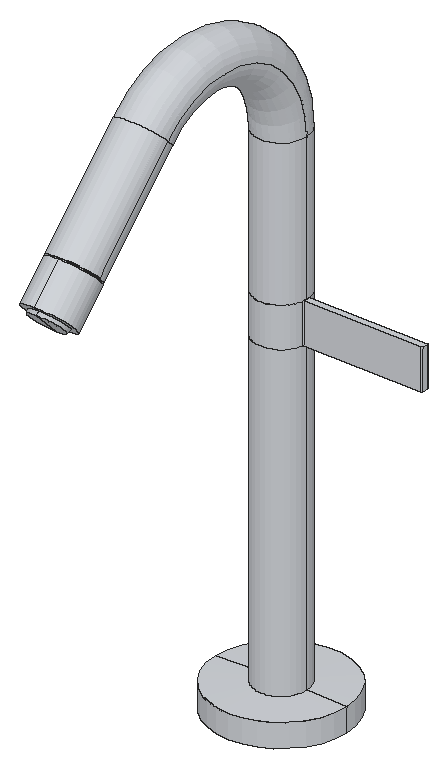
Revit family "Faucet-Lavatory-KOHLER-Stillness-K-985IN-1", category Plumbing Fixtures, host Face, Revit 2017
Family settings
  Host = Face
  Round Connector Dimension = Use Diameter
  Part Type = Normal
  OmniClass Number = 23.31.11.00
  Cut with Voids When Loaded = No
  Shared = No
  Room Calculation Point = No
Parameters (values of type "CP-Polished Chrome")
  Width = 2.32283"  # constant formula
  WaterSense Certified = 1 = 0  # no
  Waste Water Outlet = "Waste Water Outlet"  # constant formula
  Waste Connection = 1 = 0  # no
  Vent Connection = 1 = 0  # no
  URL = "https://www.kohler.co.in/"
  Type = 1
  Spout Reach = 5.19685"  # constant formula
  Product Page URL = ""
  Product Name = "Stillness"  # constant formula
  Product Documentation Link = ""
  Pressure = 0.00 psi
  Model = if(Type = 1, "K-985IN-4ND-CP", "NA")  # "K-985IN-4ND-CP"
  Material = "Premium Metal Construction"  # constant formula
  Master Format 2014 Name = "Residential Faucets, Supplies, and Trim"  # constant formula
  Master Format 2014 = "22 41 39"  # constant formula
  Manufacturer Address = "Ambience Office Tower NH-8 Gurgaon / Gurugram Haryana , 122001"  # constant formula
  Manufacturer = "KOHLER Co."  # constant formula
  Length = Spout Reach  # 5.19685"
  Hot Water Inlet = "Hot Water Inlet"  # constant formula
  Height = 11.49606"  # constant formula
  Handle Clearance = 2.55906"  # constant formula
  HW Connection = 1 = 1  # yes
  Flow Rate = 0 GPM
  Finish = Kohler-Metal-CP-Polished_Chrome
  Environmental Product Declaration = ""
  Drain Included = 1 = 0  # no
  Description = "TALL SINGLE CONTROL LAV"  # constant formula
  Default Elevation = 36"
  Declare Label = ""
  Date Modified = "10/22/2020"  # constant formula
  Date Created = "10/22/2020"  # constant formula
  Copyright = "Copyright KOHLER Co."  # constant formula
  Contact Us = "https://www.kohler.co.in/contact-us"
  Cold Water Inlet = "Cold Water Inlet"  # constant formula
  CW Connection = 1 = 1  # yes
  Assembly Code = "D2010"
  ADA Compliant = 1 = 0  # no
Reference planes (in)
  plane 1 "Center (Front/Back)": y = 0
  plane 2: z = 0
  plane 3 "Center (Left/Right)": x = 0
  plane 4: z = 11.49606
  plane 5: z = 5.94488
  plane 6: x = 2.55906
  plane 7: x = 1.16142
  plane 8: x = -1.16142
  plane 9: z = 8.38583
  plane 10: y = -5.19685
  plane 11: y = 1.16142
  plane 12: y = -1.16142
  plane 13: x = 0.68587
  plane 14: x = -0.68587
  plane 15: z = 6.65354
  plane 16: z = 0.41305
Dimensions and locks (in)
  "Spout Reach": plane 1 "Center (Front/Back)" to plane 10
  plane 9 to level = 8.38583"
  "Height": plane 4 to level
  equal spacing: plane 7, plane 3 "Center (Left/Right)", plane 8
  plane 7 to plane 8 = 2.32283"
  plane 5 to level = 5.94488"
  "Handle Clearance": plane 6 to plane 3 "Center (Left/Right)"
  "Width": plane 8 to plane 7
  aligned and locked: plane 2 to host face
  aligned and locked: level to host face
Automatic sketch dimensions
  host sketch curve to host sketch curve = 96"  (x2)
Nested families (in)
  nested 1: "K-985IN" at (0, 0, 0), type "K-985IN"
Connectors (in)
  piping at (0.68587, 0, 0), diameter 0.5, driven by "Flow Rate", driven by "Pressure", driven by "CW Connection", driven by "Cold Water Inlet"
    settings: on nested 1, index 1, connector inside diameter 24", connector length 0", flow factor 0, pipe flow 0 GPM, pressure drop 0.00 psi, fitting loss kfactor 0, connector angle 0.00°, fixture units 0, engagement length 0", angle of deflection 0.00°, flow configuration 0, flow direction 1, fitting loss method 0, system type 20, joint type 0, gender type 0, connector reference index -1, connector utility 1, adjustable connector no, is connector primary yes, connector description "Cold Water Inlet"
  piping at (-0.68587, 0, 0), diameter 0.5, driven by "Flow Rate", driven by "Pressure", driven by "HW Connection", driven by "Hot Water Inlet"
    settings: on nested 1, index 2, connector inside diameter 24", connector length 0", flow factor 0, pipe flow 0 GPM, pressure drop 0.00 psi, fitting loss kfactor 0, connector angle 0.00°, fixture units 0, engagement length 0", angle of deflection 0.00°, flow configuration 0, flow direction 1, fitting loss method 0, system type 19, joint type 0, gender type 0, connector reference index -1, connector utility 1, adjustable connector no, is connector primary no, connector description "Hot Water Inlet"
Definition of nested family "K-985IN"
  Parameters (values of type "K-985BR")
    Material = none
  Reference planes (in)
    plane 1 "Center (Front/Back)": y = 0
    plane 2: z = 0
    plane 3 "Center (Left/Right)": x = 0
    plane 4: z = 11.49606
    plane 5: y = -5.19685
    plane 6: z = 8.38583
    plane 7: through (0, -5.19685, 8.38583) normal (0, 0.7071, -0.7071)
    plane 8: z = 5.94488
    plane 9: x = 2.55906
    plane 10: z = 6.65354
    plane 11: x = -1.16142
    plane 12: x = 1.16142
    plane 13: y = 1.16142
    plane 14: y = -1.16142
    plane 15: y = 0.45295
    plane 16: y = -0.45295
    plane 17: y = 0.0689
    plane 18: y = -0.0689
    plane 19: y = -5.46837
    plane 20: z = 9.29294
    plane 21: z = 8.7583
    plane 22: z = 8.6777
    plane 23: z = 8.60709
    plane 24: z = 8.16689
    plane 25: z = 8.11773
    plane 26: z = 0.41338
    plane 27: z = 0.43275
    plane 28: y = -4.93031
    plane 29: y = -4.90856
    plane 30: x = -0.45295
    plane 31: x = 0.45295
    plane 32: x = -0.68587
    plane 33: x = 0.68587
  Forms (in)
    Revolve 1, solid, material <- "Material", detail levels medium+fine
      sketch origin (0, 0, 0) x (1, 0, 0) y (0, 0, 1)
        loop
          line (-1.16142, 0) -> (0, 0) -> (0, 5.94342) -> (-0.45295, 5.94342) -> (-0.45295, 0.43275)
          arc (-0.45295, 0.43275) -> (-0.80724, 0.42524) -> (-1.16142, 0.41338) r 28.90603
          line (-1.16142, 0.41338) -> (-1.16142, 0)
        axis (0, 5.94342) -> (0, 0)
      angle from 0 to 360
    Revolve 2, solid, material <- "Material", detail levels medium+fine
      sketch origin (0, 0, 0) x (1, 0, 0) y (0, 0, 1)
        loop
          line (-0.45295, 5.94488) -> (0, 5.94488) -> (0, 6.65354) -> (-0.45295, 6.65354) -> (-0.45295, 5.94488)
        axis (0, 6.65354) -> (0, 5.94488)
      angle from 0 to 360
    Extrusion 3, solid, material <- "Material", detail levels medium+fine
      sketch origin (0, 0, 0) x (1, 0, 0) y (0, 1, 0)
        loop
          line (2.53898, 0.0689) -> (0.46406, 0.0689)
          arc (0.46406, 0.0689) -> (0.44882, 0.07566) -> (0.44361, 0.09151) r 0.02055
          arc (0.44361, 0.09151) -> (0.45295, 0.00163) -> (0.44426, -0.08832) r 0.45295
          arc (0.44426, -0.08832) -> (0.45019, -0.07456) -> (0.46406, -0.0689) r 0.01981
          line (0.46406, -0.0689) -> (2.53863, -0.0689)
          arc (2.53863, -0.0689) -> (2.55314, -0.06289) -> (2.55915, -0.04837) r 0.02052
          line (2.55915, -0.04837) -> (2.55915, 0.04873)
          arc (2.55915, 0.04873) -> (2.55324, 0.06299) -> (2.53898, 0.0689) r 0.02017
      from 5.94488 to 6.65354
    Sweep 4, solid, material <- "Material", detail levels medium+fine
      path origin (0, 0, 0) x (0, 1, 0) y (0, 0, 1)
        loop
          line (0, 6.65354) -> (0, 9.23521)
          arc (0, 9.23521) -> (-1.11165, 10.89891) -> (-3.07413, 10.50855) r 1.80078
          line (-3.07413, 10.50855) -> (-4.58828, 8.9944)
      profile origin (0, 0, 7.94437) x (0, -1, 0) y (1, 0, 0)
        loop
          circle (0, 0) r 0.45295
    Revolve 5, solid, material <- "Material", detail levels medium+fine
      sketch origin (0, 0, 0) x (0, 1, 0) y (0, 0, 1)
        loop
          line (-5.19569, 8.38699) -> (-4.97558, 8.16689) -> (-4.90498, 8.19832) -> (-5.14467, 8.43801) -> (-5.19569, 8.38699)
        axis (-5.14467, 8.43801) -> (-5.19569, 8.38699)
      angle from 0 to 360
    Revolve 6, solid, material <- "Material", detail levels medium+fine
      sketch origin (0, 0, 0) x (0, 1, 0) y (0, 0, 1)
        loop
          line (-4.58828, 8.9944) -> (-5.14467, 8.43801) -> (-4.82438, 8.11773) -> (-4.28974, 8.65237) -> (-4.3173, 8.67993) -> (-4.29556, 8.70167) -> (-4.58828, 8.9944)
        axis (-4.58828, 8.9944) -> (-5.14467, 8.43801)
      angle from 0 to 360
    Extrusion 7, solid, material <- "Material", detail levels medium+fine
      sketch origin (0, 0, 0) x (1, 0, 0) y (0, 1, 0)
        loop
          circle (0.68587, 0) r 0.25
        loop
          circle (-0.68587, 0) r 0.25
      from 0 to 0.05368
    Revolve 8, solid, material <- "Material", detail levels coarse
      sketch origin (0, 0, 0) x (0, 1, 0) y (0, 0, 1)
        loop
          line (-5.38436, 8.6777) -> (-5.41579, 8.60709) -> (-5.19569, 8.38699) -> (-5.14467, 8.43801) -> (-5.38436, 8.6777)
        axis (-5.14467, 8.43801) -> (-5.19569, 8.38699)
      angle from 0 to 360
    Extrusion 9, solid, material <- "Material", detail levels coarse
      sketch origin (0, 0, 0) x (1, 0, 0) y (0, 1, 0)
        loop
          circle (0, 0) r 1.32701
      from 0 to 0.58238
    Sweep 10, solid, material <- "Material", detail levels coarse
      path origin (0, 0, 0) x (0, 1, 0) y (0, 0, 1)
        loop
          line (0, 0.58238) -> (0, 9.36789)
          arc (0, 9.36789) -> (-1.0803, 10.98468) -> (-2.98744, 10.60533) r 1.75
          line (-2.98744, 10.60533) -> (-5.20073, 8.39203)
      profile origin (0, 0, 4.97513) x (0, -1, 0) y (1, 0, 0)
        loop
          circle (0, 0) r 0.55109
    Extrusion 11, solid, material <- "Material", detail levels coarse
      sketch origin (0, 0, 0) x (0, 1, 0) y (0, 0, 1)
        loop
          line (-0.14564, 6.69762) -> (-0.14564, 5.87994) -> (0.14282, 5.87994) -> (0.14282, 6.69762) -> (-0.14564, 6.69762)
      from 0 to 2.62832
  Cuts and joins
    joined: Extrusion 9, Sweep 10, Extrusion 11
  Lines and regions (in)
    Masking region 1
      outline origin (0, 0, 0) x (1, 0, 0) y (0, 0, 1)
        loop
          line (-1.16142, 0) -> (1.16142, 0) -> (1.16142, 0.41338)
          arc (1.16142, 0.41338) -> (0.80724, 0.42513) -> (0.45295, 0.43275) r 30.47312
          line (0.45295, 0.43275) -> (0.45295, 5.94488) -> (2.55906, 5.94488) -> (2.55906, 6.65354) -> (0.45295, 6.65354) -> (0.45295, 11.03797)
          arc (0.45295, 11.03797) -> (0, 11.49092) -> (-0.45295, 11.03797) r 0.45295
          line (-0.45295, 11.03797) -> (-0.45295, 0.43275)
          arc (-0.45295, 0.43275) -> (-0.80724, 0.42513) -> (-1.16142, 0.41338) r 30.47312
          line (-1.16142, 0.41338) -> (-1.16142, 0)
    Masking region 2
      outline origin (0, 0, 0) x (0, 1, 0) y (0, 0, 1)
        loop
          line (1.16147, 0) -> (1.16147, 0.41305)
          arc (1.16147, 0.41305) -> (0.80727, 0.42512) -> (0.45295, 0.43275) r 28.28998
          line (0.45295, 0.43275) -> (0.45295, 9.25129)
          arc (0.45295, 9.25129) -> (-0.93636, 11.32821) -> (-3.38635, 10.8369) r 2.24708
          line (-3.38635, 10.8369) -> (-4.90856, 9.31468) -> (-4.881, 9.28712) -> (-4.90275, 9.26538) -> (-4.93031, 9.29294) -> (-5.46495, 8.7583) -> (-5.38436, 8.6777) -> (-5.41579, 8.60709) -> (-4.97558, 8.16689) -> (-4.90498, 8.19832) -> (-4.82438, 8.11773) -> (-4.28974, 8.65237) -> (-4.3173, 8.67993) -> (-4.29556, 8.70167) -> (-4.26799, 8.67411) -> (-2.74665, 10.19545)
          arc (-2.74665, 10.19545) -> (-1.30559, 10.48938) -> (-0.45295, 9.29102) r 1.34845
          line (-0.45295, 9.29102) -> (-0.45295, 0.43275)
          arc (-0.45295, 0.43275) -> (-0.80727, 0.42512) -> (-1.16147, 0.41305) r 28.28998
          line (-1.16147, 0.41305) -> (-1.16147, 0) -> (1.16147, 0)
    Masking region 3
      outline origin (0, 0, 0) x (1, 0, 0) y (0, 1, 0)
        loop
          line (-0.45295, -1.06945) -> (-0.45295, -5.19685)
          spline (-0.45295, -5.19685) -> (-0.42298, -5.27013) -> (-0.37024, -5.33587) -> (-0.29701, -5.39141) -> (-0.20751, -5.43353) -> (-0.10666, -5.45969) -> (-0.00001, -5.46855) -> (0.10669, -5.45967) -> (0.20748, -5.43354) -> (0.29693, -5.39152) -> (0.37023, -5.33586) -> (0.42316, -5.26984) -> (0.45295, -5.19685)
          line (0.45295, -5.19685) -> (0.45295, -1.06945)
          arc (0.45295, -1.06945) -> (0.94877, -0.66986) -> (1.15937, -0.0689) r 1.16142
          line (1.15937, -0.0689) -> (2.53853, -0.0689)
          arc (2.53853, -0.0689) -> (2.55304, -0.06289) -> (2.55906, -0.04837) r 0.02052
          line (2.55906, -0.04837) -> (2.55906, 0.04873)
          arc (2.55906, 0.04873) -> (2.55315, 0.06299) -> (2.53889, 0.0689) r 0.02017
          line (2.53889, 0.0689) -> (1.15937, 0.0689)
          arc (1.15937, 0.0689) -> (-0.66986, 0.94877) -> (-0.45295, -1.06945) r 1.16142
    symbolic lines, detail levels medium+fine
      curve 1: line (-0.45295, 0, 0.43275) -> (0.45295, 0, 0.43275)
      curve 2: line (-1.16142, 0, 0.41338) -> (1.16142, 0, 0.41338)
      curve 3: line (0.45295, 0, 5.94488) -> (0.45295, 0, 6.65354)
      curve 4: line (-0.45295, 0, 6.65354) -> (0.45295, 0, 6.65354)
      curve 5: line (-0.45295, 0, 5.94488) -> (0.45295, 0, 5.94488)
      curve 6: spline (0.45295, 0, 8.43801) -> (0.43752, 0, 8.52091) -> (0.39227, 0, 8.59815) -> (0.32029, 0, 8.66449) -> (0.22648, 0, 8.71539) -> (0.11723, 0, 8.74738) -> (0, 0, 8.7583) -> (-0.11723, 0, 8.74738) -> (-0.22648, 0, 8.71539) -> (-0.32029, 0, 8.66449) -> (-0.39227, 0, 8.59815) -> (-0.43752, 0, 8.52091) -> (-0.45295, 0, 8.43801) -> (-0.43752, 0, 8.35512) -> (-0.39227, 0, 8.27787) -> (-0.32029, 0, 8.21154) -> (-0.22648, 0, 8.16064) -> (-0.11723, 0, 8.12864) -> (0, 0, 8.11773) -> (0.11723, 0, 8.12864) -> (0.22648, 0, 8.16064) -> (0.32029, 0, 8.21154) -> (0.39227, 0, 8.27787) -> (0.43752, 0, 8.35512) -> (0.45295, 0, 8.43801)
      curve 7: spline (0.31127, 0, 8.38699) -> (0.30067, 0, 8.44396) -> (0.26957, 0, 8.49704) -> (0.2201, 0, 8.54263) -> (0.15564, 0, 8.57761) -> (0.08056, 0, 8.59959) -> (0, 0, 8.60709) -> (-0.08056, 0, 8.59959) -> (-0.15564, 0, 8.57761) -> (-0.2201, 0, 8.54263) -> (-0.26957, 0, 8.49704) -> (-0.30067, 0, 8.44396) -> (-0.31127, 0, 8.38699) -> (-0.30067, 0, 8.33002) -> (-0.26957, 0, 8.27694) -> (-0.2201, 0, 8.23135) -> (-0.15564, 0, 8.19637) -> (-0.08056, 0, 8.17439) -> (0, 0, 8.16689) -> (0.08056, 0, 8.17439) -> (0.15564, 0, 8.19637) -> (0.2201, 0, 8.23135) -> (0.26957, 0, 8.27694) -> (0.30067, 0, 8.33002) -> (0.31127, 0, 8.38699)
      curve 8: spline (0.29836, 0, 8.32425) -> (0.33515, 0, 8.40212) -> (0.33262, 0, 8.4842) -> (0.29106, 0, 8.56086) -> (0.21536, 0, 8.62311) -> (0.11439, 0, 8.66364) -> (0, 0, 8.6777) -> (-0.11439, 0, 8.66364) -> (-0.21536, 0, 8.62311) -> (-0.29106, 0, 8.56086) -> (-0.33262, 0, 8.4842) -> (-0.33515, 0, 8.40212) -> (-0.29836, 0, 8.32425)
      curve 9: spline (0.45295, 0, 8.9944) -> (0.43718, 0, 9.07817) -> (0.39098, 0, 9.15611) -> (0.31756, 0, 9.22279) -> (0.22202, 0, 9.27357) -> (0.11103, 0, 9.30491) -> (-0.00769, 0, 9.31464) -> (-0.12587, 0, 9.30207) -> (-0.2353, 0, 9.26808) -> (-0.32834, 0, 9.21503) -> (-0.39852, 0, 9.14663) -> (-0.44095, 0, 9.06763) -> (-0.45269, 0, 8.98353)
      curve 10: spline (0.45295, 0, 8.97266) -> (0.43785, 0, 9.05468) -> (0.39354, 0, 9.13123) -> (0.32299, 0, 9.1972) -> (0.2309, 0, 9.2482) -> (0.12341, 0, 9.28082) -> (0.00769, 0, 9.29289) -> (-0.10855, 0, 9.28361) -> (-0.21754, 0, 9.25358) -> (-0.31203, 0, 9.20482) -> (-0.3857, 0, 9.14058) -> (-0.43366, 0, 9.06514) -> (-0.45269, 0, 8.98353)
      curve 11: line (0, 1.16147, 0.41305) -> (0, -1.16147, 0.41305)
      curve 12: line (0, 0.45295, 0.43275) -> (0, -0.45295, 0.43275)
      curve 13: line (0, 0.45295, 6.65354) -> (0, -0.45295, 6.65354)
      curve 14: line (0, 0.45295, 5.94342) -> (0, -0.45295, 5.94342)
      curve 15: line (0, -4.29556, 8.70167) -> (0, -4.881, 9.28712)
      curve 16: line (0, -4.3173, 8.67993) -> (0, -4.90275, 9.26538)
      curve 17: line (0, -4.90498, 8.19832) -> (0, -5.38436, 8.6777)
      curve 18: arc (-0.45295, 0, 0) -> (0, 0.45295, 0) -> (0.45295, 0, 0) r 0.45295
      curve 19: arc (0.45295, -0.07231, 0) -> (0.45825, -0.06977, 0) -> (0.46406, -0.0689, 0) r 0.01981
      curve 20: line (-0.45295, 0, 0) -> (-0.45295, -1.06945, 0)
      curve 21: line (0.45295, 0, 0) -> (0.45295, -1.06945, 0)
      curve 22: line (1.15937, -0.0689, 0) -> (0.46406, -0.0689, 0)
      curve 23: spline (0.4469, -4.66221, 0) -> (0.41752, -4.73421, 0) -> (0.36527, -4.79942, 0) -> (0.29303, -4.85425, 0) -> (0.20475, -4.89572, 0) -> (0.10526, -4.92154, 0) -> (0, -4.93031, 0) -> (-0.10526, -4.92154, 0) -> (-0.20475, -4.89572, 0) -> (-0.29303, -4.85425, 0) -> (-0.36527, -4.79942, 0) -> (-0.41752, -4.73421, 0) -> (-0.4469, -4.66221, 0)
      curve 24: spline (0.4469, -4.64046, 0) -> (0.41752, -4.71247, 0) -> (0.36527, -4.77767, 0) -> (0.29303, -4.83251, 0) -> (0.20475, -4.87397, 0) -> (0.10526, -4.8998, 0) -> (0, -4.90856, 0) -> (-0.10526, -4.8998, 0) -> (-0.20475, -4.87397, 0) -> (-0.29303, -4.83251, 0) -> (-0.36527, -4.77767, 0) -> (-0.41752, -4.71247, 0) -> (-0.4469, -4.64046, 0)
      curve 25: line (1.15937, 0.0689, 0) -> (0.46406, 0.0689, 0)
      curve 26: arc (0.46406, 0.0689, 0) -> (0.45047, 0.07404, 0) -> (0.44367, 0.08688, 0) r 0.02055
  Dimensions and locks (in)
    aligned and locked: plane 2 to level
